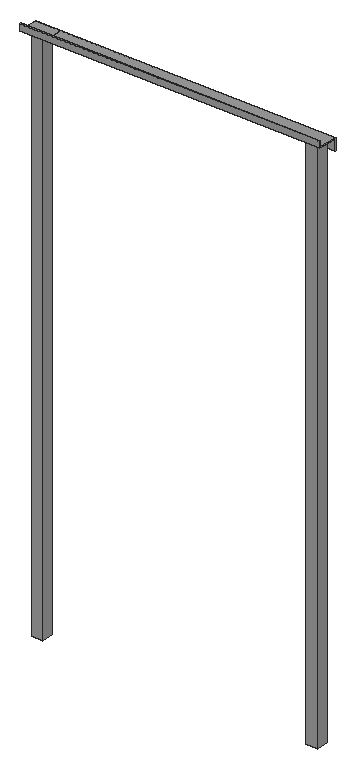
Revit family "Shelving Bay - Starter", category Generic Models, Revit 2013
Parameters (values of type "Starter Bay")
  Width Driver [instance] = 52.43"
  Width [instance] = if(not(and(Right Pole, Left Pole)), Width Driver - 4.42", Width Driver)  # 52.43"
  URL = "http://www.wengercorp.com/Home/Contact.html"
  Right Pole = yes
  Pole Height = Height - 1.15"  # 94.85"
  Part Number = "241A025"
  Pad Plating Width = 4.42"
  Model = "GEARBOSS SHELF STARTER BAY"
  Metal Bay = BAY Aluminum Top
  Manufacturer = "Wenger Corporation"
  Left Pole = yes
  Height = 96.00"
  Description = "GEARBOSS ATHLETIC SHELVING"
Reference planes (in)
  plane 1 "Center (Front/Back)": y = 0
  plane 2: z = 0
  plane 3 "Center (Left/Right)": x = 0
  plane 4: z = 96
  plane 5 "Right Side": x = 26.215
  plane 6 "Left Side": x = -26.215
  plane 7: x = 25.005
  plane 8: x = -25.005
  plane 9: x = 23.005
  plane 10: x = -23.005
  plane 11: x = 21.795
  plane 12: x = -21.795
  plane 13: y = -0.07
  plane 14: y = -0.45
  plane 15: y = -2.45
  plane 16: y = -3.34
  plane 17: y = -3.42
  plane 18: z = 94.92
  plane 19: z = 94.85
Forms (in)
  Extrusion 1, solid, material "BAY Aluminum Top" <- "Metal Bay"
    sketch origin (-26.215, 0, 0) x (0, 0, 1) y (0, -1, 0)
      loop
        line (96, 3.42) -> (94.92, 3.42) -> (94.92, 0.07) -> (92.93, 0.07) -> (92.93, 0) -> (95, 0) -> (95, 3.34) -> (96, 3.34) -> (96, 3.42)
    from 0 to 52.43 <- "Width"
  Extrusion 2, solid, material "BAY Aluminum Top" <- "Metal Bay"
    sketch origin (21.795, 82.57514, 48) x (0, 1, 0) y (0, 0, 1)
      loop
        line (-85.02514, 46.92) -> (-85.02514, 46.85) -> (-83.02514, 46.85) -> (-83.02514, 46.92) -> (-85.02514, 46.92)
    from 0 to 4.42 <- "Pad Plating Width"
  Extrusion 3, solid, material "BAY Aluminum Top" <- "Metal Bay"
    sketch origin (-26.215, -180, 102.71882) x (0, 0, 1) y (0, -1, 0)
      loop
        line (-7.79882, -177.55) -> (-7.86882, -177.55) -> (-7.86882, -179.55) -> (-7.79882, -179.55) -> (-7.79882, -177.55)
    from 0 to 4.42 <- "Pad Plating Width"
  Extrusion 4, solid, material "BAY Aluminum Top" <- "Metal Bay", visible <- "Left Pole"
    sketch origin (0, 0, 0) x (1, 0, 0) y (0, 1, 0)
      loop
        line (-25.005, -0.45) -> (-25.005, -2.45) -> (-23.005, -2.45) -> (-23.005, -0.45) -> (-25.005, -0.45)
    from 0 to 94.85 <- "Pole Height"
  Extrusion 5, solid, material "BAY Aluminum Top" <- "Metal Bay", visible <- "Right Pole"
    sketch origin (0, 0, 0) x (1, 0, 0) y (0, 1, 0)
      loop
        line (23.005, -0.45) -> (23.005, -2.45) -> (25.005, -2.45) -> (25.005, -0.45) -> (23.005, -0.45)
    from 0 to 94.85 <- "Pole Height"
Lines and regions (in)
  model lines
    curve 1: line (-26.215, 0, 0) -> (26.215, 0, 0)
    curve 2: line (-26.215, -3.42, 0) -> (-26.215, 0, 0)
    curve 3: line (26.215, -3.42, 0) -> (-26.215, -3.42, 0)
    curve 4: line (26.215, 0, 0) -> (26.215, -3.42, 0)
Dimensions and locks (in)
  "Height": plane 4 to level
  equal spacing: plane 6 "Left Side", plane 3 "Center (Left/Right)", plane 5 "Right Side"
  "Width": plane 6 "Left Side" to plane 5 "Right Side"
  locked: plane 7 to plane 5 "Right Side" at 1.21
  locked: plane 6 "Left Side" to plane 8 at 1.21
  locked: plane 9 to plane 7 at 2
  locked: plane 8 to plane 10 at 2
  locked: plane 11 to plane 9 at 1.21
  locked: plane 10 to plane 12 at 1.21
  locked: plane 13 to plane 1 "Center (Front/Back)" at 0.07
  locked: plane 14 to plane 1 "Center (Front/Back)" at 0.45
  locked: plane 15 to plane 1 "Center (Front/Back)" at 2.45
  locked: plane 16 to plane 1 "Center (Front/Back)" at 3.34
  locked: plane 17 to plane 1 "Center (Front/Back)" at 3.42
  locked: plane 4 to plane 18 at 1.08
  locked: plane 18 to plane 19 at 0.07
  plane 4 to plane 19 = 1.15"
  aligned and locked: plane 2 to level
  aligned and locked: Extrusion 1 sketch curve to plane 13
  aligned and locked: Extrusion 1 sketch curve to plane 1 "Center (Front/Back)"
  aligned and locked: Extrusion 1 sketch curve to plane 17
  aligned and locked: Extrusion 1 sketch curve to plane 16
  aligned and locked: Extrusion 2 sketch curve to plane 18
  aligned and locked: plane 15 to Extrusion 2 sketch curve
  aligned and locked: plane 19 to Extrusion 2 sketch curve
  aligned and locked: Extrusion 2 sketch curve to plane 14
  aligned and locked: Extrusion 3 sketch curve to Extrusion 2  (x4)
  aligned and locked: Extrusion 4 sketch curve to plane 14
  aligned and locked: plane 8 to Extrusion 4 sketch curve
  aligned and locked: plane 15 to Extrusion 4 sketch curve
  aligned and locked: Extrusion 4 sketch curve to plane 10
  aligned and locked: Extrusion 5 sketch curve to plane 14
  aligned and locked: plane 9 to Extrusion 5 sketch curve
  aligned and locked: plane 15 to Extrusion 5 sketch curve
  aligned and locked: Extrusion 5 sketch curve to plane 7
  aligned and locked: plane 1 "Center (Front/Back)" to curve 1
  aligned and locked: plane 6 "Left Side" to curve 2
  aligned and locked: plane 17 to curve 3
  aligned and locked: curve 4 to plane 5 "Right Side"
Automatic sketch dimensions
  Extrusion 1 sketch curve to plane 18 = 0.00"
  Extrusion 1 sketch curve to plane 4 = 0.00"
  Extrusion 1 sketch curve to plane 19 = 1.92"
  plane 18 to Extrusion 1 sketch curve = 0.08"
